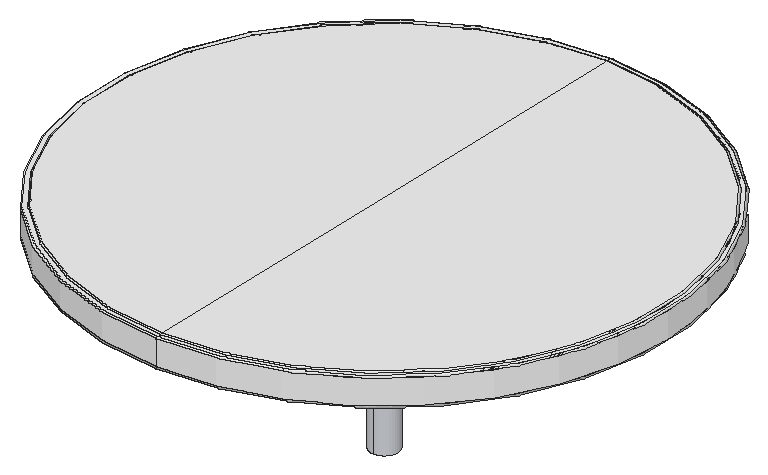
Revit family "Grohe_PlumbingFixture_TempestaCosmopolitan200_HeadShower1Spray_27541001a", category Plumbing Fixtures, host Face, Revit 2018
Family settings
  Host = Face
  Round Connector Dimension = Use Diameter
  Part Type = Normal
  OmniClass Number = 23.65.00.00
  OmniClass Title = Supply and Distribution of Liquids and Gases
  Cut with Voids When Loaded = No
  Shared = No
  Room Calculation Point = No
Parameters (values of type "27541001")
  _ObjectUserGuide = "www.bimstore.co"
  _DistributedBy = "www.bimstore.co"
  _CurrentRevision = 1
  _CreatedBy = "www.bimstore.co"
  _BimSpecGuid = 0
  _BSBibleVersion = 16
  _AuthorizedBy = "bimstore"
  _Author = "RL"
  WarrantyStartDate [instance] = "Please record on commissioning."
  WarrantyGuarantorParts = "info-uk@grohe.com"
  WarrantyGuarantorLabor = "info-uk@grohe.com"
  WarrantyDurationUnit = "Years"
  WarrantyDurationParts = "0"
  WarrantyDurationLabor = "0"
  WarrantyDescription = "n/a"
  URL = "www.grohe.com"
  TypeName = "TEMPESTA COSMOPOLITAN 200 - HEAD SHOWER 1 SPRAY"
  Type Comments = "HEAD SHOWER 1 SPRAY"
  SpareParts = "info-uk@grohe.com"
  Size = "n/a"
  Shape = "n/a"
  SerialNumber [instance] = "Please record on commissioning."
  ReplacementCost = "n/a"
  ReferencedStandard = "n/a"
  ProductionYear = "2020"
  ProductPageURL = "https://www.grohe.co.uk/en_gb/new-tempesta-cosmopolitan-head-shower-1-spray-27541001.html"
  ProductDocumentationLink = "n/a"
  PercentageOfRecycledContent = "n/a"
  NominalLength = 0 mm
  NominalHeight = 0 mm
  NominalDepth = 0 mm
  NBSReference = "45-35-70/333"
  NBSOfficeMasterTag = "n/a"
  NBSObjectName = "Grohe - Shower heads"
  NBSNote = ""
  NBSDescription = "Shower heads"
  ModelReference = "TEMPESTA COSMOPOLITAN 200 - HEAD SHOWER 1 SPRAY"
  ModelNumber = "27541001"
  Model = "TEMPESTA COSMOPOLITAN 200"
  Material = "n/a"
  MasterformatTitle = "Sanitary Facilities"
  MasterformatNumber = "01 52 19"
  ManufacturerName = "Grohe"
  Manufacturer = "Grohe"
  LowEmittingMaterial = no
  LEEDCredit = "n/a"
  Keynote = "N13"
  InstallationDate [instance] = "Please record on commissioning."
  IndustryStandards = "n/a"
  IfcExportType = "IfcPipeFittingType"
  IfcExportAs = "IfcPipeFitting"
  HotWaterConnectionDiameter = 10 mm
  HWFU = 4.5
  Grade = "n/a"
  Finish = "n/a"
  Features = "Rain spray pattern \r\nBall joint +/- 20° rotatable \r\nconnection thread 1/2\" \r\nsuitable for instantaneous heater \r\nmin. recommended pressure 1 bar"
  FaucetMaterial = Grohe-Chrome
  ExpectedLife = 0
  Ecojoy = no
  DurationUnit = "Years"
  DocumentationTechnical = "www.grohe.co.uk/"
  DocumentationMaintenance = "www.grohe.co.uk/"
  DocumentationLiterature = "www.grohe.co.uk/"
  DocumentationInstallationGuide = "www.grohe.co.uk/"
  DocumentationCertificates = "www.grohe.co.uk/"
  Description = "n/a"
  Default Elevation = 0 mm
  CreatedOn = "2020-03-01T09:00:00"
  CreatedBy = "info-uk@grohe.com"
  Cost = 0
  ContactGrohe = "info-uk@grohe.com"
  Constituents = "n/a"
  Color = "Chrome"
  ColdWaterConnectionDiameter = 10 mm
  CodePerformance = "n/a"
  ClassificationValue = "Pr_40_20_87_76"
  ClassificationName = "Uniclass 2015"
  CWFU = 4.5
  BarCode [instance] = "Please record on commissioning."
  BIMObjectName = "Grohe_PlumbingFixture_TempestaCosmopolitan200_HeadShower1Spray_27541001"
  AssetType = "Fixed"
  AssetIdentifier [instance] = "Please record on commissioning."
  Assembly Code = "D2010"
  AccessibilityPerformance = "n/a"
  ADACompliant = no
Reference planes
  plane 1 "Center (Front/Back)": y = 0
  plane 2: z = 0
  plane 3 "Center (Left/Right)": x = 0
Forms (mm)
  Revolve 1, solid, material "Grohe-Chrome" <- "FaucetMaterial"
    sketch origin (0, 0, 0) x (0, 1, 0) y (0, 0, 1)
      loop
        line (99.5, 55.782) -> (97.969, 55.782) -> (97.969, 54.482) -> (0, 54.482) -> (0, 0) -> (11.754, 0) -> (11.754, 10) -> (10.954, 10) -> (10.954, 14.94) -> (9, 15.5) -> (9, 17.963)
        arc (9, 17.963) -> (9.431, 18.48) -> (9.832, 19.02) r 12
        line (9.832, 19.02) -> (12.7, 19.02) -> (12.7, 19.82) -> (15.667, 19.82)
        arc (15.667, 19.82) -> (17.091, 20.415) -> (17.667, 21.846) r 2
        line (17.667, 21.846) -> (17.504, 34.249) -> (16.933, 34.82) -> (14.557, 34.82) -> (13.7, 34.22) -> (13.7, 35.22) -> (16.5, 35.22)
        arc (16.5, 35.22) -> (17.207, 35.513) -> (17.5, 36.22) r 1
        line (17.5, 36.22) -> (17.5, 43.729)
        arc (17.5, 43.729) -> (17.79, 44.433) -> (18.491, 44.729) r 1
        line (18.491, 44.729) -> (99.009, 45.492)
        arc (99.009, 45.492) -> (99.71, 45.788) -> (100, 46.492) r 1
        line (100, 46.492) -> (100, 55.282)
        arc (100, 55.282) -> (99.854, 55.636) -> (99.5, 55.782) r 0.5
      axis (0, 0) -> (0, 55.782)
    angle from 0 to 360
  Revolve 2, solid, material "Grohe-Chrome" <- "FaucetMaterial"
    sketch origin (0, 0, 0) x (0, 1, 0) y (0, 0, 1)
      loop
        line (97.469, 55.982) -> (0, 55.982) -> (0, 54.482) -> (97.969, 54.482) -> (97.969, 55.482)
        arc (97.969, 55.482) -> (97.822, 55.836) -> (97.469, 55.982) r 0.5
      axis (0, 54.482) -> (0, 55.982)
    angle from 0 to 360
  Sweep 3, solid
    path in 3D
      loop
        line (0, 0, 0) -> (0, 0, -22.649)
    profile origin (0, 0, -11.324) x (0, -1, 0) y (1, 0, 0)
      loop
        circle (0, 0) r 4.75
Lines and regions (mm)
  sketch lines
    curve 1: line (0, 0, 0) -> (0, 0, -22.649)
Dimensions and locks
  aligned and locked: plane 2 to host face
  aligned and locked: level to host face
Connectors
  piping at (0, 0, -22.649), diameter 10, driven by "HWFU"
    settings: on Sweep 3, index 21, connector inside diameter 609.6 mm, connector length 0 mm, flow factor 0, pipe flow 0.0 L/s, pressure drop 0.0 Pa, fitting loss kfactor 0, connector angle 0.00°, fixture units 4.5, engagement length 0 mm, angle of deflection 0.00°, flow configuration 3, flow direction 1, fitting loss method 4, system type 19, joint type 0, gender type 0, connector reference index -1, connector utility 0, adjustable connector no, is connector primary yes, connector description ""
